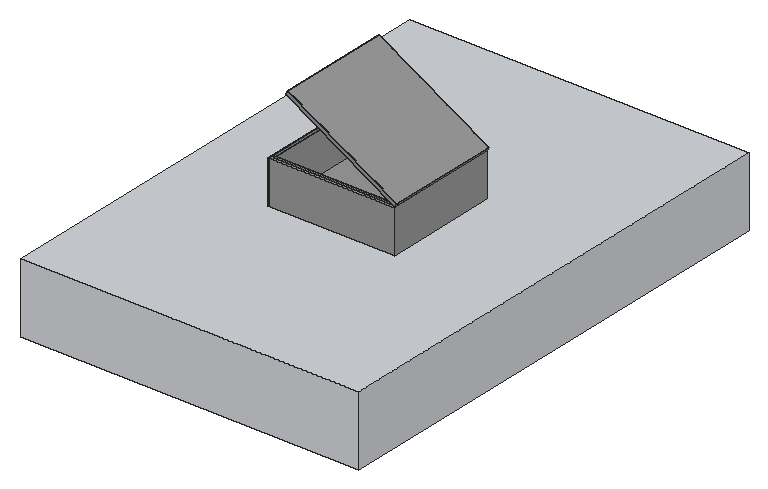
Revit family "Hager-Univers-IP44-D205-H500-Cl.I-Encl-AT-de", category Equipement électrique, Revit 2020
Family settings
  Hôte = Face
  Configuration du panneau = Deux colonnes, circuits au sein
  Cote de connecteur circulaire = Utiliser le diamètre
  Type d'élément = Tableau de raccordement
  Couper avec des vides une fois chargée = Non
  Partagée = Non
  Point de calcul de pièce = Non
Parameters (values of type "Aufputz IP44 B550 H500 T205  - FP32TN2")
  Width Control [instance] = if([EF000008 - Breite] > Min Width, [EF000008 - Breite], Min Width)  # 550 mm
  Commentaires du type = [HG000003 - Bereich]  # "Univers"
  Thickness Door [instance] = if([EF009171 - Materialstärke Tür/Deckel] > 3 mm, 3 mm, [EF009171 - Materialstärke Tür/Deckel])  # 1 mm
  Seal Frame Offset [instance] = 17 mm  # constant formula
  Plinth Visibility [instance] = [HG000027 - Sockelhöhe] > 0 mm  # no
  Model = ""
  Min Width [instance] = 100 mm  # constant formula
  Min Height [instance] = 100 mm  # constant formula
  Min Depth [instance] = (2 * [EF009170 - Materialstärke Gehäuse]) + 1 mm  # 3 mm
  Internal Frame Depth [instance] = (Door System Depth * 0.5)  # 9 mm
  Height Control [instance] = if([EF000040 - Höhe] > Min Height, [EF000040 - Höhe], Min Height)  # 500 mm
  HG000027 - Sockelhöhe = 0 mm
  HG000026 - Stehend auf dem Boden = no
  HG000024 - Höhe des unteren Teils = 800 mm
  HG000023 - Gehäuse mit doppeltem Querschnitt = no
  HG000016 - 3D-Türsichtbarkeit [instance] = yes
  HG000015 - Sichtbarkeit der Türöffnung [instance] = no
  HG000014 - Tür rechts [instance] = yes
  HG000013 - Tür links [instance] = not([HG000014 - Tür rechts])  # no
  HG000012 - Türschwenkwinkel [instance] = 30.00°
  HG000010 - Asymmetrische Türen = no
  HG000009 - Doppelflügeligen Tür = no
  HG000006 - Unterputz = no
  HG000004 - Herstellerreferenz = "FP32TN2"
  HG000003 - Bereich = "Univers"
  HG000002 - Mit tür = yes
  Frame Offset Bottom [instance] = 10 mm  # constant formula
  Frame Offset [instance] = 15 mm  # constant formula
  EF015940 - Deckel mit Überdruckentlastung = no
  EF011959 - Schutzart (NEMA) = ""
  EF009554 - Anzahl der Öffnungen für Flanschplatten = 4
  Fabricant = "Hager"  # constant formula
  EF009212 - Ausführung Deckel = "EV000116 - geschlossen"
  EF009171 - Materialstärke Tür/Deckel = 1 mm
  EF009170 - Materialstärke Gehäuse = 1 mm
  EF008873 - Nennstrom (In) = 250 A
  EF007800 - Geeignet für Blitzschutz = no
  EF006306 - Mit Schloss = no
  EF006244 - Transparenter Deckel/Tür = no
  EF005474 - Schutzart (IP) = "EV006418 - IP44"
  EF004464 - Art der Tür = "EV002646 - Einzel"
  EF004427 - Anzahl der Module = 72
  EF004293 - Schlagfestigkeit = "EV006815 - IK09"
  EF003532 - Geeignet für Außengebrauch = no
  EF002950 - Breite in Teilungseinheiten = 24
  EF001613 - Funktionserhalt = "EV000494 - ohne"
  EF001596 - Werkstoff des Gehäuses = "EV000179 - Stahl"
  EF001131 - Innentiefe = 205 mm
  EF001088 - Anbaumöglichkeit = yes
  EF000437 - Anzahl der Leitungseinführungen = 4
  EF000339 - Art der Abdeckung = "EV001012 - Deckel"
  EF000266 - Anzahl der Reihen = 3
  EF000218 - Einbautiefe = 205 mm
  EF000118 - Mit Montageplatte = no
  EF000116 - RAL-Nummer = "9010"
  EF000049 - Tiefe = 205 mm
  EF000040 - Höhe = 500 mm
  EF000008 - Breite = 550 mm
  EF000007 - Farbe = "EV000202 - weiß"
  EF000003 - Montageart = "EV000384 - Aufputz"
  Door System Leaf Tolerance [instance] = 1.5 mm  # constant formula
  Door System Depth [instance] = 18 mm  # constant formula
  Door Height [instance] = Height Control - [HG000027 - Sockelhöhe]  # 500 mm
  Depth Control [instance] = if([EF000049 - Tiefe] > Min Depth, [EF000049 - Tiefe], Min Depth)  # 205 mm
  Default Elevation = 0 mm
  Connector Offset [instance] = Height Control / 2  # 250 mm
  Bottom Top Plate Trim [instance] = 1.5 mm  # constant formula
  Plinth height Ctrl [instance] = if([HG000027 - Sockelhöhe] > 0 mm, [HG000027 - Sockelhöhe], 12 mm)  # 12 mm
Types (2, lengths in mm): name | Width Control | HG000004 - Herstellerreferenz | EF009554 - Anzahl der Öffnungen für Flanschplatten | EF004427 - Anzahl der Module | EF002950 - Breite in Teilungseinheiten | EF000437 - Anzahl der Leitungseinführungen | EF000008 - Breite
  Aufputz IP44 B300 H500 T205  - FP31TN2 | 300 | "FP31TN2" | 2 | 36 | 12 | 2 | 300
  Aufputz IP44 B550 H500 T205  - FP32TN2 | 550 | "FP32TN2" | 4 | 72 | 24 | 4 | 550
Reference planes
  plane 1 "Center (Front/Back)": y = 0
  plane 2: z = 0
  plane 3 "Center (Left/Right)": x = 0
  plane 4: z = 205
  plane 5: y = 1
  plane 6: y = 250
  plane 7: y = 0
  plane 8: y = 500
  plane 9: z = 0
  plane 10: x = -260
  plane 11: x = 260
  plane 12: x = 259
  plane 13: x = -259
  plane 14: y = 499
  plane 15: x = -258
  plane 16: x = -275
  plane 17: x = 258
  plane 18: x = 275
  plane 19: x = 274
  plane 20: x = -274
  plane 21: y = 11
  plane 22: y = 500
  plane 23: y = 484
  plane 24: z = 187
  plane 25: z = 1
  plane 26: z = 186
  plane 27: z = 204
Forms (mm)
  Extrusion 1, solid
    sketch origin (0, 0, 0) x (1, 0, 0) y (0, 1, 0)
      loop
        line (-702.964, 1305) -> (-702.964, -811.445) -> (766.763, -811.445) -> (766.763, 1305) -> (-702.964, 1305)
    from 0 to -304.8
  Extrusion 2, solid, material "Hager_Steel_RAL7035_Light_Grey", visible <- "Plinth Visibility", detail levels medium+fine
    sketch origin (0, 0, 0) x (1, 0, 0) y (0, 1, 0)
      loop
        line (-275, 0) -> (275, 0) -> (275, 12) -> (-275, 12) -> (-275, 0)
    from 0 to 187
  Extrusion 3, solid, material "Hager_Steel_RAL7035_Light_Grey", detail levels medium+fine
    sketch origin (0, 0, 0) x (1, 0, 0) y (0, 1, 0)
      loop
        line (-275, 0) -> (275, 0) -> (275, 500) -> (-275, 500) -> (-275, 0)
    from 0 to 187
  Extrusion 4, void
    sketch origin (0, 0, 0) x (1, 0, 0) y (0, 1, 0)
      loop
        line (-274, 1) -> (274, 1) -> (274, 499) -> (-274, 499) -> (-274, 1)
    from 1 to 186
  Extrusion 5, void
    sketch origin (-381.607, -4572, 187) x (0, -1, 0) y (-1, 0, 0)
      loop
        line (-4583, -122.607) -> (-5056, -122.607) -> (-5056, -640.607) -> (-4583, -640.607) -> (-4583, -122.607)
    from 0 to 1 <- "EF009170 - Materialstärke Gehäuse"
  Extrusion 6, solid, material "Hager_Steel_RAL7035_Light_Grey", detail levels fine
    sketch origin (0, 0, 187) x (1, 0, 0) y (0, 1, 0)
      loop
        line (-259, 484) -> (-259, 11) -> (259, 11) -> (259, 484) -> (-259, 484)
      loop
        line (-260, 10) -> (260, 10) -> (260, 485) -> (-260, 485) -> (-260, 10)
    from 0 to 9 <- "Internal Frame Depth"
  Extrusion 7, solid, material "Hager_Steel_RAL7035_Light_Grey", detail levels coarse
    sketch origin (0, 0, 0) x (1, 0, 0) y (0, 1, 0)
      loop
        line (-275, 0) -> (275, 0) -> (275, 500) -> (-275, 500) -> (-275, 0)
    from 0 to 205
  Sweep 8, void
    path in 3D
      loop
        line (-275, 12, 0) -> (275, 12, 0) -> (275, 12, 187) -> (-275, 12, 187) -> (-275, 12, 0)
    profile origin (-275, 12, 93.5) x (-1, 0, 0) y (0, -1, 0)
      loop
        line (0, 0) -> (0, 1.5) -> (-1.5, 1.5)
        arc (-1.5, 1.5) -> (-1.061, 0.439) -> (0, 0) r 1.5
Cuts and joins
  Extrusion 4, Extrusion 5 cuts Extrusion 3
  Sweep 8 cuts Extrusion 2
Lines and regions (mm)
  Masking region 1
    outline origin (0, 0, 0) x (1, 0, 0) y (0, 0, 1)
      loop
        line (-275, 205) -> (-275, 0) -> (275, 0) -> (275, 205) -> (-275, 205)
  Masking region 2, detail levels medium+fine
    outline origin (0, 140, 0) x (0, 1, 0) y (0, 0, 1)
      loop
        line (-140, 0) -> (360, 0) -> (360, 187) -> (-140, 187) -> (-140, 0)
  Masking region 3, not visible, detail levels medium+fine
    outline origin (0, 297.922, 0) x (0, 1, 0) y (0, 0, 1)
      loop
        line (-36.422, 0) -> (3.578, 0) -> (3.578, 194)
        arc (3.578, 194) -> (0.649, 201.071) -> (-6.422, 204) r 10
        line (-6.422, 204) -> (-36.422, 204) -> (-36.422, 0)
  Masking region 4, detail levels coarse
    outline origin (0, 0, 180) x (0, 1, 0) y (0, 0, 1)
      loop
        line (0, -180) -> (500, -180) -> (500, 25) -> (0, 25) -> (0, -180)
  Masking region 5, visible <- "Plinth Visibility", detail levels medium+fine
    outline origin (0, 52.24, 12.345) x (0, 0, -1) y (0, 1, 0)
      loop
        line (10.845, -40.24) -> (-173.155, -40.24)
        arc (-173.155, -40.24) -> (-173.594, -41.301) -> (-174.655, -41.74) r 1.5
        line (-174.655, -41.74) -> (-174.655, -52.24) -> (12.345, -52.24) -> (12.345, -41.74)
        arc (12.345, -41.74) -> (11.285, -41.301) -> (10.845, -40.24) r 1.5
  Masking region 6, detail levels medium+fine
    outline origin (-381.607, -4572, 187) x (-1, 0, 0) y (0, -1, 0)
      loop
        line (-106.607, -5072) -> (-106.607, -4572) -> (-656.607, -4572) -> (-656.607, -5072) -> (-106.607, -5072)
  Masking region 7, visible <- "Plinth Visibility", detail levels medium+fine
    outline origin (-381.607, -4727, 187) x (-1, 0, 0) y (0, -1, 0)
      loop
        arc (-108.107, -4739) -> (-107.668, -4737.939) -> (-106.607, -4737.5) r 1.5
        line (-106.607, -4737.5) -> (-106.607, -4727) -> (-656.607, -4727) -> (-656.607, -4737.5)
        arc (-656.607, -4737.5) -> (-655.546, -4737.939) -> (-655.107, -4739) r 1.5
        line (-655.107, -4739) -> (-108.107, -4739)
  Masking region 8, detail levels coarse
    outline origin (-442.548, -4669.526, 187) x (-1, 0, 0) y (0, -1, 0)
      loop
        line (-167.548, -5169.526) -> (-167.548, -4669.526) -> (-717.548, -4669.526) -> (-717.548, -5169.526) -> (-167.548, -5169.526)
  sketch lines
    curve 1: line (-275, 12, 187) -> (-275, 12, 0)
    curve 2: line (275, 12, 187) -> (-275, 12, 187)
    curve 3: line (275, 12, 187) -> (275, 12, 0)
    curve 4: line (-275, 12, 0) -> (275, 12, 0)
Dimensions and locks
  "Depth Control": plane 4 to Extrusion 1
  "HG000027 - Sockelhöhe": plane 1 "Center (Front/Back)" to plane 7
  "EF009170 - Materialstärke Gehäuse": plane 5 to plane 7
  locked: connector elem to plane 3 "Center (Left/Right)"
  equal spacing: plane 8, plane 6, plane 7
  locked: connector elem to plane 6
  "EF009170 - Materialstärke Gehäuse": plane 8 to plane 14
  "EF009170 - Materialstärke Gehäuse": plane 10 to plane 13
  "EF009170 - Materialstärke Gehäuse": plane 12 to plane 11
  "Frame Offset": plane 20 to plane 13
  "Frame Offset": plane 12 to plane 19
  "EF009170 - Materialstärke Gehäuse": plane 16 to plane 20
  "EF009170 - Materialstärke Gehäuse": plane 19 to plane 18
  "Seal Frame Offset": plane 16 to plane 15
  "Seal Frame Offset": plane 17 to plane 18
  "Frame Offset Bottom": plane 21 to plane 5
  "Frame Offset": plane 14 to plane 23
  equal spacing: plane 16, plane 3 "Center (Left/Right)", plane 18
  "Width Control": plane 16 to plane 18
  "EF009170 - Materialstärke Gehäuse": plane 4 to plane 27
  "EF009170 - Materialstärke Gehäuse": plane 24 to plane 26
  "EF009170 - Materialstärke Gehäuse": plane 25 to level
  "Door System Depth": plane 4 to plane 24
  "Height Control": plane 1 "Center (Front/Back)" to Extrusion 7 sketch curve
  "Height Control": Masking region 4 sketch curve to plane 1 "Center (Front/Back)"
  "Height Control": plane 1 "Center (Front/Back)" to plane 22
  "Bottom Top Plate Trim": profile plane to Sweep 8 sketch curve
  "Bottom Top Plate Trim": Sweep 8 sketch curve to profile plane
  "Plinth height Ctrl": plane 1 "Center (Front/Back)" to Extrusion 2 sketch curve
  "Plinth height Ctrl": Masking region 5 sketch curve to plane 1 "Center (Front/Back)"
  "Plinth height Ctrl": plane 1 "Center (Front/Back)" to Masking region 7 sketch curve
  "Thickness Door": Extrusion 6 sketch curve to Extrusion 6 sketch curve  (x3)
  "Thickness Door": cut or joined group of Extrusion 3, Extrusion 4, Extrusion 5 to Extrusion 6 sketch curve
  radius of Masking region 3 sketch curve = 10 mm
  "Bottom Top Plate Trim": radius of Masking region 5 sketch curve  (x2)
  "Bottom Top Plate Trim": radius of Sweep 8 sketch curve
  "Bottom Top Plate Trim": radius of Masking region 7 sketch curve  (x2)
  aligned and locked: plane 2 to Extrusion 1
  aligned and locked: level to Extrusion 1
  aligned and locked: level to Masking region 1 sketch curve
  aligned and locked: Masking region 1 sketch curve to plane 18
  aligned and locked: Masking region 1 sketch curve to plane 16
  aligned and locked: plane 7 to Masking region 2 sketch curve
  aligned and locked: level to Masking region 3 sketch curve
  aligned and locked: Masking region 3 sketch curve to plane 27
  aligned and locked: level to Masking region 2 sketch curve
  aligned and locked: plane 1 "Center (Front/Back)" to Extrusion 2 sketch curve
  aligned and locked: Extrusion 3 sketch curve to plane 7
  aligned and locked: plane 16 to Extrusion 3 sketch curve
  aligned and locked: plane 18 to Extrusion 3 sketch curve
  aligned and locked: plane 20 to Extrusion 4 sketch curve
  aligned and locked: plane 19 to Extrusion 4 sketch curve
  aligned and locked: Extrusion 4 sketch curve to plane 5
  aligned and locked: Extrusion 4 to plane 25
  aligned and locked: plane 26 to Extrusion 4
  aligned and locked: plane 24 to Extrusion 3
  aligned and locked: Extrusion 5 sketch curve to plane 21
  aligned and locked: Extrusion 5 sketch curve to plane 13
  aligned and locked: Extrusion 5 sketch curve to plane 12
  aligned and locked: plane 18 to Extrusion 7 sketch curve
  aligned and locked: plane 1 "Center (Front/Back)" to Extrusion 7 sketch curve
  aligned and locked: plane 16 to Extrusion 7 sketch curve
  aligned and locked: plane 4 to Extrusion 7
  aligned and locked: Extrusion 7 to level
  aligned and locked: level to Masking region 4 sketch curve
  aligned and locked: Masking region 4 sketch curve to plane 1 "Center (Front/Back)"
  aligned and locked: Masking region 4 sketch curve to plane 4
  aligned and locked: nested 1 to level
  aligned and locked: nested 1 to plane 16
  aligned and locked: plane 8 to Extrusion 3 sketch curve
  aligned and locked: plane 23 to Extrusion 5 sketch curve
  aligned and locked: plane 14 to Extrusion 4 sketch curve
  aligned and locked: Masking region 2 sketch curve to plane 8
  aligned and locked: level to Masking region 5 sketch curve
  aligned and locked: plane 16 to Extrusion 2 sketch curve
  aligned and locked: plane 18 to Extrusion 2 sketch curve
  aligned and locked: Masking region 5 sketch curve to plane 24
  aligned and locked: Masking region 2 sketch curve to plane 24
  aligned and locked: plane 24 to Extrusion 2
  aligned and locked: profile plane to Sweep 8 sketch curve  (x2)
  aligned and locked: Masking region 6 sketch curve to plane 18
  aligned and locked: Masking region 6 sketch curve to plane 22
  aligned and locked: Masking region 6 sketch curve to plane 16
  aligned and locked: plane 8 to plane 22
  aligned and locked: plane 7 to Masking region 6 sketch curve
  aligned and locked: Masking region 7 sketch curve to plane 16
  aligned and locked: Masking region 7 sketch curve to plane 1 "Center (Front/Back)"
  aligned and locked: Masking region 7 sketch curve to plane 18
  aligned and locked: Masking region 8 sketch curve to plane 1 "Center (Front/Back)"
  aligned and locked: Masking region 8 sketch curve to plane 18
  aligned and locked: Masking region 8 sketch curve to plane 22
  aligned and locked: Masking region 8 sketch curve to plane 16
  aligned and locked: nested 2 to plane 7
  aligned and locked: plane 3 "Center (Left/Right)" to nested 2
  aligned and locked: nested 2 to plane 24
  aligned and locked: Extrusion 6 sketch curve to cut or joined group of Extrusion 3, Extrusion 4, Extrusion 5  (x4)
Automatic sketch dimensions
  Extrusion 1 sketch curve to Extrusion 1 sketch curve = 1469.727 mm
  Extrusion 1 sketch curve to Extrusion 1 sketch curve = 2116.445 mm
  Masking region 1 sketch curve to plane 4 = 0 mm
  plane 6 to Masking region 3 sketch curve = 11.5 mm
  Masking region 3 sketch curve to Masking region 3 sketch curve = 30 mm
  Masking region 5 sketch curve to plane 1 "Center (Front/Back)" = 0 mm
Nested families
  nested 1: "Hager_Enclosure_Symbol" at (-275, 0, 0) x (1, 0, 0) z (0, -1, 0), Height <- "Depth Control", Width <- "Width Control", type "Hager_Enclosure_Symbol"
    with Width_Ctrl 550 mm, Width 550 mm, Height_Ctrl 205 mm, Height 205 mm, A_Width_Int 13.453 mm, A_Width 161.438 mm, A_Height_Ctrl 179.375 mm, A_Height 179.375 mm
  nested 2: "EC000058_Univers_Door" at (0, 0, 187) x (1, 0, 0) z (0, 1, 0), Leaf_Tolerance <- "Door System Leaf Tolerance", Angle <- "HG000012 - Türschwenkwinkel", Door_Depth <- "Door System Depth", Door_Left <- "HG000013 - Tür links", Transparent <- "EF006244 - Transparenter Deckel/Tür", Assymetrical <- "HG000010 - Asymmetrische Türen", Width <- "Width Control", Clearance <- "HG000015 - Sichtbarkeit der Türöffnung", Double <- "HG000009 - Doppelflügeligen Tür", 3d_Door <- "HG000016 - 3D-Türsichtbarkeit", Lock_Visibility <- "EF006306 - Mit Schloss", Width_Ctrl <- "Width Control", Door_Right <- "HG000014 - Tür rechts", Door <- "HG000002 - Mit tür", Height <- "Door Height", Thickness <- "Thickness Door", type "EC000058_Univers_Door", detail levels medium+fine
    with min_wh 3 mm, Width_Ctrl 550 mm, Width 550 mm, Transparent no, Thickness 1 mm, Seal_Material Hager_Rubber, Lock_Visibility no, Lock_Material Hager_Plastic_RAL9005_Jet_Black, Leaf_Width 550 mm, Leaf_Tolerance_External_Sides 0 mm, Leaf_Tolerance 1.5 mm, Leaf_Offset 0 mm, Leaf_Height 497 mm, Leaf_2_Width 550 mm, Leaf_2_Offset 275 mm, Leaf_1_Width 550 mm, Leaf_1_Offset 275 mm, Height_Ctrl 500 mm, Height 500 mm, Glass_Material Hager_Glass, Double_Clearance_Ctrl no, Double no, Door_Right_Ctrl yes, Door_Right yes, Door_Material Hager_Steel_RAL7035_Light_Grey, Door_Left_Ctrl no, Door_Left no, Door_Depth 18 mm, Door yes, Clearance_Material Hager_Clearance, Clearance_Depth 550 mm, Clearance_Ctrl no, Clearance no, Assymetrical no, Angle 30.00°, 3d_Door yes
Connectors
  electrical at (0, 250, 0)
    settings: on plane 9, index 1, voltage 0 V, apparent load 0 VA, apparent load phase1 0 VA, apparent load phase2 0 VA, apparent load phase3 0 VA, power factor 1, load classification "Other", number of poles 1, system type 30, power factor state 1, is connector primary yes, connector utility no, sub classification motor no, connector description ""
Definition of nested family "EC000058_Univers_Door"
  Parameters (values of type "EC000058_Univers_Door")
    min_wh [instance] = (2 * Thickness) + 1 mm  # 11 mm
    Width_Ctrl [instance] = 400 mm
    Width [instance] = 500 mm
    Transparent [instance] = yes
    Thickness [instance] = 5 mm
    Seal_Material [instance] = none
    Lock_Visibility [instance] = yes
    Lock_Material [instance] = none
    Leaf_Width [instance] = if((Width_Ctrl - 2 * Leaf_Tolerance_External_Sides) > 0 mm, (Width_Ctrl - 2 * Leaf_Tolerance_External_Sides), min_wh)  # 400 mm
    Leaf_Tolerance_External_Sides [instance] = 0 mm  # constant formula
    Leaf_Tolerance [instance] = 1.5 mm
    Leaf_Offset [instance] = 0 mm  # constant formula
    Leaf_Height [instance] = if((Height_Ctrl - 2 * Leaf_Tolerance) > 0 mm, (Height_Ctrl - 2 * Leaf_Tolerance), min_wh)  # 497 mm
    Leaf_2_Width [instance] = if(and(and(Double, Assymetrical), Door_Left), (Leaf_Width / 3) - (Leaf_Tolerance / 2), if(and(and(Double, Assymetrical), Door_Right), (Leaf_Width / 3) * 2 - (Leaf_Tolerance / 2), if(and(Double, not(Assymetrical)), (Leaf_Width / 2) - Leaf_Tolerance, Leaf_Width)))  # 400 mm
    Leaf_2_Offset [instance] = if(and(Double, Assymetrical), Leaf_2_Width / 2, if(and(Double, not(Assymetrical)), Leaf_Width / 4, Leaf_Width / 2))  # 200 mm
    Leaf_1_Width [instance] = if(and(and(Double, Assymetrical), Door_Right), (Leaf_Width / 3) - (Leaf_Tolerance / 2), if(and(and(Double, Assymetrical), Door_Left), (Width / 3) * 2 - (Leaf_Tolerance / 2), if(and(Double, not(Assymetrical)), (Leaf_Width / 2) - Leaf_Tolerance, Leaf_Width)))  # 400 mm
    Leaf_1_Offset [instance] = if(and(Double, Assymetrical), Leaf_1_Width / 2, if(and(Double, not(Assymetrical)), Leaf_Width / 4, Leaf_Width / 2))  # 200 mm
    Height_Ctrl [instance] = if(Height > min_wh, Height, min_wh)  # 500 mm
    Height [instance] = 500 mm
    Glass_Material [instance] = none
    Double_Clearance_Ctrl [instance] = and(Double, Clearance)  # no
    Double [instance] = no
    Door_Right_Ctrl [instance] = and(or(Door_Right, Double), Door)  # yes
    Door_Right [instance] = yes
    Door_Material [instance] = none
    Door_Left_Ctrl [instance] = and(or(Door_Left, Double), Door)  # no
    Door_Left [instance] = no
    Door_Depth [instance] = 30 mm
    Door [instance] = yes
    Default Elevation = 1219.2 mm
    Clearance_Material [instance] = none
    Clearance_Depth [instance] = if(Leaf_1_Width > Leaf_2_Width, Leaf_1_Width, Leaf_2_Width)  # 400 mm
    Clearance_Ctrl [instance] = and(not(Double), Clearance)  # yes
    Clearance [instance] = yes
    Assymetrical [instance] = yes
    Angle [instance] = 30.00°
    3d_Door [instance] = yes
  Reference planes
    plane 1 "Center (Front/Back)": y = 0
    plane 2 "Bottom": z = 0
    plane 3 "Center (Left/Right)": x = 0
    plane 4: z = 500
    plane 5: x = -200
    plane 6: x = 200
    plane 7: z = 500
    plane 8: x = -200
    plane 9: z = 0
    plane 10: x = 200
    plane 11: y = 0
    plane 12: z = 1.5
    plane 13: x = -600
    plane 14: y = -400
    plane 15: x = 600
    plane 16: x = 0
    plane 17: x = 0
    plane 18: x = -200
    plane 19: x = 200
    plane 20: z = 498.5
  Forms (mm)
    Extrusion 1, solid, material <- "Clearance_Material", visible <- "Double_Clearance_Ctrl"
      sketch origin (1200, 0, 0) x (1, 0, 0) y (0, 0, -1)
        loop
          line (-1800, -498.5) -> (-600, -498.5) -> (-600, 0) -> (-1800, 0) -> (-1800, -498.5)
      from 0 to -400
  Dimensions and locks
    equal spacing: plane 5, plane 3 "Center (Left/Right)", plane 6
    "Width_Ctrl": plane 5 to plane 6
    "Leaf_Offset": plane 5 to plane 8
    "Leaf_Offset": plane 6 to plane 10
    "Leaf_Offset": plane 9 to level
    "Leaf_Offset": plane 4 to plane 7
    "Height_Ctrl": plane 4 to level
    "Leaf_Tolerance": plane 12 to plane 9
    locked: plane 11 to plane 1 "Center (Front/Back)"
    "Leaf_1_Offset": plane 18 to plane 16
    "Leaf_2_Offset": plane 17 to plane 19
    "Leaf_1_Width": plane 13 to plane 8
    "Leaf_2_Width": plane 10 to plane 15
    "Clearance_Depth": plane 14 to plane 1 "Center (Front/Back)"
    "Leaf_Tolerance_External_Sides": plane 8 to plane 18
    "Leaf_Tolerance_External_Sides": plane 19 to plane 10
    "Leaf_Tolerance": plane 7 to plane 20
    aligned and locked: level to plane 2 "Bottom"
    aligned and locked: nested 1 to plane 16
    aligned and locked: nested 2 to plane 17
    aligned and locked: Extrusion 1 to plane 13
    aligned and locked: plane 15 to Extrusion 1
    aligned and locked: Extrusion 1 to plane 14
    aligned and locked: plane 12 to nested 1
    aligned and locked: nested 2 to plane 12
    aligned and locked: Extrusion 1 to plane 11
    aligned and locked: plane 20 to Extrusion 1
    aligned and locked: nested 2 to plane 11
    aligned and locked: nested 1 to plane 11
  Automatic sketch dimensions
    Extrusion 1 sketch curve to level = 0 mm
    plane 5 to Extrusion 1 sketch curve = 400 mm
    plane 6 to Extrusion 1 sketch curve = 400 mm
    Extrusion 1 sketch curve to plane 4 = 1.5 mm
  Nested families
    nested 1: "EC000058_Univers_Door_Leaf" at (0, 0, 1.5), Width <- "Leaf_1_Width", visible <- "Door_Left_Ctrl", Leaf_Height <- "Leaf_Height", Angle <- "Angle", 3d_Door <- "3d_Door", Transparent <- "Transparent", Clearance Material <- "Clearance_Material", Clearance <- "Clearance_Ctrl", Door_Material <- "Door_Material", Glass_Material <- "Glass_Material", Door_Depth <- "Door_Depth", Lock_Material <- "Lock_Material", Seal_Material <- "Seal_Material", Lock_Visibility <- "Lock_Visibility", Thickness <- "Thickness", type "EC000058_Univers_Door_Leaf"
      with Width 400 mm, Transparent_Glass_Offset 30 mm, Transparent_Ctrl yes, Transparent yes, Thickness 5 mm, Standard no, Seal_Material none, Seal_D2 8 mm, Seal_D1 1 mm, Offset_Internal_Frame 10 mm, Lock_Width 20 mm, Lock_Visibility_3d yes, Lock_Visibility yes, Lock_Thickness_3 3 mm, Lock_Thickness_2 1 mm, Lock_Thickness_1 3 mm, Lock_Radius_Offset_2 16 mm, Lock_Radius_Offset_1 15 mm, Lock_Radius_2 5 mm, Lock_Radius 6 mm, Lock_Offset 5 mm, Lock_Material none, Lock_Height 80 mm, Lock_Cover_Top_Offset_2d 17 mm, Lock_Cover_Height -65 mm, Leaf_Height 497 mm, Internal_Seal_Thickness 8 mm, Internal_Seal_Depth_2 4.5 mm, Internal_Frame_Depth 25 mm, Glass_Thickness -1 mm, Glass_Offset -2 mm, Glass_Material none, Door_Material none, Door_Depth 30 mm, Clearance Material none, Clearance yes, Angle_Ctrl 30.00°, Angle 30.00°, 3d_Door yes
    nested 2: "EC000058_Univers_Door_Leaf" at (0, 0, 1.5) x (-1, 0, 0) z (0, 0, 1), Width <- "Leaf_2_Width", visible <- "Door_Right_Ctrl", Leaf_Height <- "Leaf_Height", Angle <- "Angle", 3d_Door <- "3d_Door", Transparent <- "Transparent", Clearance Material <- "Clearance_Material", Clearance <- "Clearance_Ctrl", Door_Material <- "Door_Material", Glass_Material <- "Glass_Material", Door_Depth <- "Door_Depth", Lock_Material <- "Lock_Material", Seal_Material <- "Seal_Material", Lock_Visibility <- "Lock_Visibility", Thickness <- "Thickness", type "EC000058_Univers_Door_Leaf"
      with Width 400 mm, Transparent_Glass_Offset 30 mm, Transparent_Ctrl yes, Transparent yes, Thickness 5 mm, Standard no, Seal_Material none, Seal_D2 8 mm, Seal_D1 1 mm, Offset_Internal_Frame 10 mm, Lock_Width 20 mm, Lock_Visibility_3d yes, Lock_Visibility yes, Lock_Thickness_3 3 mm, Lock_Thickness_2 1 mm, Lock_Thickness_1 3 mm, Lock_Radius_Offset_2 16 mm, Lock_Radius_Offset_1 15 mm, Lock_Radius_2 5 mm, Lock_Radius 6 mm, Lock_Offset 5 mm, Lock_Material none, Lock_Height 80 mm, Lock_Cover_Top_Offset_2d 17 mm, Lock_Cover_Height -65 mm, Leaf_Height 497 mm, Internal_Seal_Thickness 8 mm, Internal_Seal_Depth_2 4.5 mm, Internal_Frame_Depth 25 mm, Glass_Thickness -1 mm, Glass_Offset -2 mm, Glass_Material none, Door_Material none, Door_Depth 30 mm, Clearance Material none, Clearance yes, Angle_Ctrl 30.00°, Angle 30.00°, 3d_Door yes
  Definition of nested family "EC000058_Univers_Door_Leaf"
    Parameters (values of type "EC000058_Univers_Door_Leaf")
      Width [instance] = 2000 mm
      Transparent_Glass_Offset [instance] = 30 mm
      Transparent_Ctrl [instance] = and(Transparent, [3d_Door])  # yes
      Transparent [instance] = yes
      Thickness [instance] = 5 mm
      Standard [instance] = and(not(Transparent), [3d_Door])  # no
      Seal_Material [instance] = none
      Seal_D2 [instance] = 8 mm  # constant formula
      Seal_D1 [instance] = 1 mm  # constant formula
      Offset_Internal_Frame [instance] = 10 mm  # constant formula
      Lock_Width [instance] = 20 mm  # constant formula
      Lock_Visibility_3d [instance] = and(Lock_Visibility, [3d_Door])  # yes
      Lock_Visibility [instance] = yes
      Lock_Thickness_3 [instance] = 3 mm  # constant formula
      Lock_Thickness_2 [instance] = 1 mm  # constant formula
      Lock_Thickness_1 [instance] = 3 mm  # constant formula
      Lock_Radius_Offset_2 [instance] = Lock_Radius_Offset_1 + 1 mm  # 16 mm
      Lock_Radius_Offset_1 [instance] = 15 mm  # constant formula
      Lock_Radius_2 [instance] = Lock_Radius - 1 mm  # 5 mm
      Lock_Radius [instance] = 6 mm  # constant formula
      Lock_Offset [instance] = 5 mm  # constant formula
      Lock_Material [instance] = none
      Lock_Height [instance] = 80 mm  # constant formula
      Lock_Cover_Top_Offset_2d [instance] = Lock_Radius_Offset_2 + 1 mm  # 17 mm
      Lock_Cover_Height [instance] = -(Lock_Height - Lock_Radius_Offset_1)  # -65 mm
      Leaf_Height [instance] = 2720.336 mm
      Internal_Seal_Thickness [instance] = 8 mm  # constant formula
      Internal_Seal_Depth_2 [instance] = 4.5 mm  # constant formula
      Internal_Frame_Depth [instance] = if(Door_Depth - Thickness > 5 mm, Door_Depth - Thickness, 5 mm)  # 25 mm
      Glass_Thickness [instance] = if(Thickness > 15 mm, Glass_Offset + 10 mm, -1 mm)  # -1 mm
      Glass_Offset [instance] = if(Thickness > 15 mm, -(Thickness + 10 mm) / 2, -2 mm)  # -2 mm
      Glass_Material [instance] = none
      Door_Material [instance] = none
      Door_Depth [instance] = 30 mm
      Default Elevation = 0 mm
      Clearance Material [instance] = none
      Clearance [instance] = yes
      Angle_Ctrl [instance] = if(Angle > 180.00°, 180.00°, Angle)  # 90.00°
      Angle [instance] = 90.00°
      3d_Door [instance] = yes
    Reference planes
      plane 1 "Center (Front/Back)": y = 0
      plane 2: z = 0
      plane 3 "Center (Left/Right)": x = 0
      plane 4: y = 2000
      plane 5: x = -1000
      plane 6: x = 1000
      plane 7: x = -3000
      plane 8: z = 2720.336
      plane 9: z = 30
      plane 10: z = 2690.336
      plane 11: x = 970
      plane 12: x = -970
      plane 13: y = -3
      plane 14: z = 107.833
      plane 15: y = -5
      plane 16: y = -223.314
      plane 17: x = -1000
      plane 18: z = 1360.168
      plane 19: y = 30
    Forms (mm)
      Extrusion 1, solid, material <- "Clearance Material", visible <- "Clearance"
        sketch origin (0, 0, 0) x (1, 0, 0) y (0, 0, 1)
          loop
            line (-3000, 2720.336) -> (-3000, 0) -> (1000, 0) -> (1000, 2720.336) -> (-3000, 2720.336)
        from 0 to -2000
      Extrusion 2, solid, material <- "Door_Material", visible <- "Standard", detail levels medium+fine
        sketch origin (-1000, 0, 0) x (0, 1, 0) y (-1, 0, 0)
          loop
            line (0, 30) -> (0, 25) -> (2000, 25) -> (2000, 30) -> (0, 30)
        from 0 to 2720.336 <- "Leaf_Height"
      Extrusion 3, solid, material <- "Door_Material", visible <- "Transparent_Ctrl", detail levels medium+fine
        sketch origin (-1000, 0, 0) x (0, 1, 0) y (-1, 0, 0)
          loop
            line (0, 25) -> (2000, 25) -> (2000, 30) -> (0, 30) -> (0, 25)
        from 0 to 2720.336 <- "Leaf_Height"
      Extrusion 4, void
        sketch origin (-1025, 2000, 0) x (0, 1, 0) y (0, 0, -1)
          loop
            line (-30, -2690.336) -> (-30, -30) -> (-1970, -30) -> (-1970, -2690.336) -> (-30, -2690.336)
        from 0 to 5 <- "Thickness"
      Sweep 5, solid, material <- "Seal_Material", visible <- "Transparent_Ctrl", detail levels fine
        path in 3D
          loop
            line (-1025, 30, 30) -> (-1025, 30, 2690.336) -> (-1025, 1970, 2690.336) -> (-1025, 1970, 30) -> (-1025, 30, 30)
        profile origin (-1025, 1000, 30) x (1, 0, 0) y (0, 0, 1)
          loop
            line (0, 0) -> (0, -8) -> (1, -8) -> (1, 0) -> (0, 0)
      Extrusion 6, solid, material <- "Glass_Material", visible <- "Transparent_Ctrl", detail levels medium+fine
        sketch origin (-1030, 0, 0) x (0, 1, 0) y (0, 0, -1)
          loop
            line (1970, -2690.336) -> (1970, -30) -> (30, -30) -> (30, -2690.336) -> (1970, -2690.336)
        from -2 <- "Glass_Offset" to -1 <- "Glass_Thickness"
      Extrusion 7, solid, material <- "Door_Material", visible <- "3d_Door", detail levels medium+fine
        sketch origin (-1025, 2000, 0) x (0, -1, 0) y (0, 0, -1)
          loop
            line (0, -2720.336) -> (2000, -2720.336) -> (2000, 0) -> (0, 0) -> (0, -2720.336)
          loop
            line (1995, -5) -> (5, -5) -> (5, -2715.336) -> (1995, -2715.336) -> (1995, -5)
        from 0 to 25 <- "Internal_Frame_Depth"
      Sweep 8, solid, material <- "Seal_Material", visible <- "Transparent_Ctrl", detail levels fine
        path in 3D
          loop
            line (-1025, 0, 0) -> (-1025, 2000, 0) -> (-1025, 2000, 2720.336) -> (-1025, 0, 2720.336) -> (-1025, 0, 0)
        profile origin (-1025, 0, 1360.168) x (1, 0, 0) y (0, 1, 0)
          loop
            line (0, 10) -> (2.975, 10)
            arc (2.975, 10) -> (4.053, 10.447) -> (4.5, 11.525) r 1.525
            line (4.5, 11.525) -> (4.5, 16.527)
            arc (4.5, 16.527) -> (4.069, 17.569) -> (3.027, 18) r 1.473
            line (3.027, 18) -> (0, 18) -> (0, 10)
      Extrusion 9, solid, material <- "Lock_Material", visible <- "Lock_Visibility_3d", detail levels fine
        sketch origin (-1030, 0, 0) x (0, 1, 0) y (0, 0, -1)
          loop
            arc (1993.5, -1400.168) -> (1994.561, -1399.729) -> (1995, -1398.668) r 1.5
            line (1995, -1398.668) -> (1995, -1320.168) -> (1975, -1320.168) -> (1975, -1398.668)
            arc (1975, -1398.668) -> (1975.439, -1399.729) -> (1976.5, -1400.168) r 1.5
            line (1976.5, -1400.168) -> (1993.5, -1400.168)
        from 3 <- "Lock_Thickness_1" to 0
      Blend 10, solid, material <- "Lock_Material", visible <- "Lock_Visibility_3d", detail levels fine
        base sketch origin (-1033, 0, 0) x (0, 1, 0) y (0, 0, -1)
          loop
            line (1975, -1320.168) -> (1975, -1398.668)
            arc (1975, -1398.668) -> (1975.439, -1399.729) -> (1976.5, -1400.168) r 1.5
            line (1976.5, -1400.168) -> (1993.5, -1400.168)
            arc (1993.5, -1400.168) -> (1994.561, -1399.729) -> (1995, -1398.668) r 1.5
            line (1995, -1398.668) -> (1995, -1320.168) -> (1975, -1320.168)
        top sketch origin (-1033, 0, 0) x (0, 1, 0) y (0, 0, -1)
          loop
            line (1976, -1320.168) -> (1976, -1398.668)
            arc (1976, -1398.668) -> (1976.146, -1399.022) -> (1976.5, -1399.168) r 0.5
            line (1976.5, -1399.168) -> (1993.5, -1399.168)
            arc (1993.5, -1399.168) -> (1993.854, -1399.022) -> (1994, -1398.668) r 0.5
            line (1994, -1398.668) -> (1994, -1320.168) -> (1976, -1320.168)
        from 0 to 1 <- "Lock_Thickness_2"
      Blend 11, solid, material <- "Lock_Material", visible <- "Lock_Visibility_3d", detail levels fine
        base sketch origin (-1034, 0, 0) x (0, 1, 0) y (0, 0, -1)
          loop
            line (1978, -1320.168) -> (1978, -1384.168)
            arc (1978, -1384.168) -> (1985, -1391.168) -> (1992, -1384.168) r 7
            line (1992, -1384.168) -> (1992, -1320.168) -> (1978, -1320.168)
        top sketch origin (-1034, 0, 0) x (0, 1, 0) y (0, 0, -1)
          loop
            line (1991, -1320.168) -> (1979, -1320.168) -> (1979, -1383.168)
            arc (1979, -1383.168) -> (1985, -1389.168) -> (1991, -1383.168) r 6
            line (1991, -1383.168) -> (1991, -1320.168)
        from 0 to 3 <- "Lock_Thickness_3"
      Extrusion 12, solid, material <- "Lock_Material", visible <- "Lock_Visibility_3d", detail levels fine
        sketch origin (-1030, 1975, 1320.168) x (1, 0, 0) y (0, -1, 0)
          loop
            line (-7, -19) -> (-7, -1) -> (0, -1) -> (0, 0) -> (-8, 0) -> (-8, -20) -> (0, -20) -> (0, -19) -> (-7, -19)
        from 0 to -65 <- "Lock_Cover_Height"
      Extrusion 13, void
        sketch origin (-1038, 1995, 1320.168) x (-1, 0, 0) y (0, 0, -1)
          loop
            line (-5, -65) -> (0, -65) -> (-5, -60) -> (-5, -65)
        from 0 to 20 <- "Lock_Width"
      Extrusion 14, void
        sketch origin (-1038, 1975, 1320.168) x (0, -1, 0) y (0, 0, -1)
          loop
            circle (-10, -15.995) r 6
          loop
            circle (-10, -15.995) r 5
        from 0 to 2
      Extrusion 15, solid, material <- "Lock_Material", visible <- "Lock_Visibility_3d", detail levels medium
        sketch origin (-1030, 0, 0) x (0, 1, 0) y (0, 0, -1)
          loop
            arc (1993.5, -1400.168) -> (1994.561, -1399.729) -> (1995, -1398.668) r 1.5
            line (1995, -1398.668) -> (1995, -1320.168) -> (1975, -1320.168) -> (1975, -1398.668)
            arc (1975, -1398.668) -> (1975.439, -1399.729) -> (1976.5, -1400.168) r 1.5
            line (1976.5, -1400.168) -> (1993.5, -1400.168)
        from 8 to 0
    Cuts and joins
      Extrusion 4 cuts Extrusion 3
      Extrusion 13, Extrusion 14 cuts Extrusion 9
      Extrusion 14 cuts Blend 11
      Extrusion 13, Extrusion 14 cuts Extrusion 12
      joined: Extrusion 9, Blend 10, Blend 11, Extrusion 12
      Extrusion 14 cuts Extrusion 15
    Lines and regions (mm)
      Masking region 1, visible <- "Lock_Visibility", detail levels fine
        outline origin (0, 0, 0) x (0, 1, 0) y (0, 0, 1)
          loop
            line (30, 1320.168) -> (33, 1320.168) -> (33, 1400.168) -> (30, 1400.168) -> (30, 1320.168)
      Masking region 2, visible <- "Lock_Visibility", detail levels fine
        outline origin (0, 3.143, 0) x (0, 1, 0) y (0, 0, 1)
          loop
            line (29.857, 1354.168) -> (30.857, 1354.168) -> (30.857, 1366.168) -> (29.857, 1366.168) -> (29.857, 1354.168)
      Masking region 3, detail levels medium+fine
        outline origin (0, 0, 0) x (0, 1, 0) y (0, 0, 1)
          loop
            line (0, 0) -> (30, 0) -> (30, 2720.336) -> (0, 2720.336) -> (0, 0)
      Masking region 4, detail levels medium+fine
        outline origin (0, 0, 0) x (1, 0, 0) y (0, 0, 1)
          loop
            line (-1000, 2720.336) -> (-1000, 0) -> (1000, 0) -> (1000, 2720.336) -> (-1000, 2720.336)
      Masking region 5, visible <- "Lock_Visibility", detail levels fine
        outline origin (-47.116, 0, 0) x (1, 0, 0) y (0, 0, 1)
          loop
            arc (1024.616, 1399.168) -> (1023.556, 1398.729) -> (1023.116, 1397.668) r 1.5
            line (1023.116, 1397.668) -> (1023.116, 1320.168) -> (1041.116, 1320.168) -> (1041.116, 1397.668)
            arc (1041.116, 1397.668) -> (1040.677, 1398.729) -> (1039.616, 1399.168) r 1.5
            line (1039.616, 1399.168) -> (1024.616, 1399.168)
      Masking region 6, visible <- "Lock_Visibility", detail levels medium+fine
        outline origin (-25, 0, 0) x (1, 0, 0) y (0, 0, 1)
          loop
            arc (1001.5, 1400.168) -> (1000.439, 1399.729) -> (1000, 1398.668) r 1.5
            line (1000, 1398.668) -> (1000, 1320.168) -> (1020, 1320.168) -> (1020, 1398.668)
            arc (1020, 1398.668) -> (1019.561, 1399.729) -> (1018.5, 1400.168) r 1.5
            line (1018.5, 1400.168) -> (1001.5, 1400.168)
      Masking region 7, visible <- "Lock_Visibility", detail levels fine
        outline origin (-73.735, 0, 0) x (1, 0, 0) y (0, 0, 1)
          loop
            line (1051.735, 1382.168) -> (1065.735, 1382.168) -> (1065.735, 1384.168)
            arc (1065.735, 1384.168) -> (1058.735, 1391.168) -> (1051.735, 1384.168) r 7
            line (1051.735, 1384.168) -> (1051.735, 1382.168)
      Masking region 8, visible <- "Lock_Visibility", detail levels fine
        outline origin (-73.735, 0, 0) x (1, 0, 0) y (0, 0, 1)
          loop
            line (1052.735, 1382.168) -> (1064.735, 1382.168) -> (1064.735, 1383.168)
            arc (1064.735, 1383.168) -> (1058.735, 1389.168) -> (1052.735, 1383.168) r 6
            line (1052.735, 1383.168) -> (1052.735, 1382.168)
      Masking region 9, visible <- "Lock_Visibility", detail levels fine
        outline origin (-25, 0, 0) x (1, 0, 0) y (0, 0, 1)
          loop
            line (1020, 1320.168) -> (1020, 1382.168) -> (1000, 1382.168) -> (1000, 1320.168) -> (1020, 1320.168)
      Masking region 10, detail levels medium+fine
        outline origin (0, 0, 0) x (1, 0, 0) y (0, 0, 1)
          loop
            circle (985, 1335.144) r 6
      Masking region 11, detail levels fine
        outline origin (0, 0, 0) x (1, 0, 0) y (0, 0, 1)
          loop
            circle (985, 1335.144) r 5
      Masking region 12, visible <- "Lock_Visibility", detail levels fine
        outline origin (0, 12.767, 0) x (0, 1, 0) y (0, 0, 1)
          loop
            line (20.233, 1320.168) -> (21.233, 1320.168) -> (21.233, 1399.168) -> (20.233, 1400.168) -> (20.233, 1320.168)
      Masking region 13, visible <- "Lock_Visibility", detail levels fine
        outline origin (0, 13.767, -10) x (0, 1, 0) y (0, 0, 1)
          loop
            line (20.233, 1330.168) -> (23.233, 1330.168) -> (23.233, 1399.168) -> (20.233, 1402.168) -> (20.233, 1330.168)
      Masking region 14, visible <- "Lock_Visibility", detail levels fine
        outline origin (0, 12.767, -10) x (0, 1, 0) y (0, 0, 1)
          loop
            line (20.233, 1330.168) -> (25.233, 1330.168) -> (25.233, 1399.305) -> (20.233, 1394.305) -> (20.233, 1330.168)
      Masking region 15, visible <- "Lock_Visibility", detail levels medium
        outline origin (0, 0, 0) x (0, 1, 0) y (0, 0, 1)
          loop
            line (30, 1320.168) -> (38, 1320.168) -> (38, 1400.168) -> (30, 1400.168) -> (30, 1320.168)
      Masking region 16, visible <- "Lock_Visibility", detail levels fine
        outline origin (-1000, 0, 0) x (0, 1, 0) y (-1, 0, 0)
          loop
            line (1975, 30) -> (1995, 30) -> (1995, 38) -> (1975, 38) -> (1975, 30)
          loop
            line (1979, 37) -> (1976, 37) -> (1976, 34) -> (1978, 34) -> (1979, 37)
          loop
            line (1994, 37) -> (1991, 37) -> (1992, 34) -> (1994, 34) -> (1994, 37)
      Masking region 17, visible <- "Lock_Visibility", detail levels medium
        outline origin (-1000, 0, 0) x (0, 1, 0) y (-1, 0, 0)
          loop
            line (1975, 30) -> (1995, 30) -> (1995, 38) -> (1975, 38) -> (1975, 30)
      symbolic lines
        curve 1: line (1000, 0, 0) -> (-3000, 0, 0)
        curve 2: arc (1000, 0, 0) -> (-1000, 2000, 0) -> (-3000, 0, 0) r 2000
        curve 4: line (-1030, 0, 0) -> (-1030, 2000, 0)
      reference lines
        curve 3: line (-1000, 0, 0) -> (-1000, 2000, 0)
      symbolic lines, detail levels medium+fine
        curve 5: line (-1030, 2000, 0) -> (-1025, 2000, 0)
        curve 7: line (-1025, 0, 0) -> (-1030, 0, 0)
        curve 8: line (-1025, 0, 0) -> (-1000, 0, 0)
        curve 9: line (-1000, 0, 0) -> (-1000, 2000, 0)
        curve 10: line (-1000, 2000, 0) -> (-1025, 2000, 0)
      symbolic lines, detail levels fine
        curve 6: line (-1025, 2000, 0) -> (-1025, 0, 0)
      sketch lines
        curve 11: line (-1025, 0, 2720.336) -> (-1025, 0, 0)
        curve 12: line (-1025, 2000, 0) -> (-1025, 0, 0)
        curve 13: line (-1025, 2000, 2720.336) -> (-1025, 2000, 0)
        curve 14: line (-1025, 0, 2720.336) -> (-1025, 2000, 2720.336)
        curve 15: line (-1025, 1970, 30) -> (-1025, 30, 30)
        curve 16: line (-1025, 30, 30) -> (-1025, 30, 2690.336)
        curve 17: line (-1025, 1970, 2690.336) -> (-1025, 1970, 30)
        curve 18: line (-1025, 30, 2690.336) -> (-1025, 1970, 2690.336)
      symbolic lines, visible <- "Transparent", detail levels medium+fine
        curve 19: line (-970, 0, 2690.336) -> (970, 0, 2690.336)
        curve 20: line (-970, 0, 30) -> (-970, 0, 2690.336)
        curve 21: line (970, 0, 30) -> (-970, 0, 30)
        curve 22: line (970, 0, 2690.336) -> (970, 0, 30)
    Dimensions and locks
      "Width": plane 1 "Center (Front/Back)" to plane 4
      equal spacing: plane 5, plane 3 "Center (Left/Right)", plane 6
      "Width": plane 5 to plane 6
      "Width": plane 7 to plane 5
      "Leaf_Height": plane 8 to level
      "Width": curve 5 to curve 3
      "Width": curve 3 to curve 3
      plane 8 to plane 10 = 30 mm
      plane 9 to level = 30 mm
      plane 12 to plane 5 = 30 mm
      plane 6 to plane 11 = 30 mm
      Extrusion 1 to Extrusion 4 sketch curve = 30 mm
      "Transparent_Glass_Offset": curve 3 to Extrusion 4 sketch curve
      "Transparent_Glass_Offset": Extrusion 4 sketch curve to cut or joined group of Extrusion 3, Extrusion 4  (x2)
      cut or joined group of Extrusion 3, Extrusion 4 to Extrusion 6 sketch curve = 30 mm
      "Transparent_Glass_Offset": cut or joined group of Extrusion 3, Extrusion 4 to Extrusion 4 sketch curve
      "Thickness": curve 6 to curve 4
      "Thickness": Extrusion 7 sketch curve to Extrusion 7 sketch curve  (x4)
      "Door_Depth": curve 4 to curve 3
      "Offset_Internal_Frame": profile plane to Sweep 8 sketch curve
      "Internal_Seal_Thickness": Sweep 8 sketch curve to Sweep 8 sketch curve
      "Internal_Seal_Depth_2": profile plane to Sweep 8 sketch curve
      "Seal_D1": profile plane to Sweep 5 sketch curve
      "Seal_D2": profile plane to Sweep 5 sketch curve
      "Thickness": Extrusion 2 sketch curve to Extrusion 2 sketch curve
      equal spacing: Extrusion 9 sketch curve, plane 18, Extrusion 9 sketch curve  (x2)
      equal spacing: Masking region 1 sketch curve, plane 18, Masking region 1 sketch curve
      "Lock_Height": Masking region 1 sketch curve to Masking region 1 sketch curve
      "Lock_Radius": Masking region 2 sketch curve to plane 18 to Masking region 2 sketch curve
      Masking region 2 sketch curve to Masking region 1 = 1 mm
      "Door_Depth": plane 19 to plane 1 "Center (Front/Back)"
      "Lock_Thickness_1": Masking region 1 sketch curve to plane 19
      "Lock_Width": Extrusion 9 sketch curve to Extrusion 9 sketch curve
      "Lock_Height": Extrusion 9 sketch curve to Extrusion 9 sketch curve
      "Lock_Offset": cut or joined group of Extrusion 3, Extrusion 4 to Extrusion 9 sketch curve
      equal spacing: plane 8, plane 18, level
      "Lock_Radius_Offset_1": Blend 11 sketch curve to Blend 10
      locked: Blend 10 to Blend 11 sketch curve at 2  (x2)
      locked: var sketch to Blend 11 sketch curve at 1  (x2)
      "Lock_Radius_Offset_2": Blend 11 sketch curve to Blend 10
      locked: Extrusion 12 sketch curve to Extrusion 12 sketch curve at 1  (x3)
      Masking region 6 sketch curve to Masking region 6 sketch curve = 80 mm
      "Lock_Height": Masking region 6 sketch curve to Masking region 6 sketch curve
      "Lock_Width": Masking region 6 sketch curve to Masking region 6 sketch curve
      locked: Masking region 6 to Masking region 5 sketch curve at 1  (x3)
      locked: Masking region 5 to Masking region 7 sketch curve at 2  (x2)
      "Lock_Radius_Offset_1": Masking region 5 to Masking region 7 sketch curve
      "Lock_Radius_Offset_2": Masking region 5 to Masking region 8 sketch curve
      locked: Masking region 7 to Masking region 8 sketch curve at 1  (x2)
      "Lock_Cover_Top_Offset_2d": Masking region 5 to Masking region 9 sketch curve
      equal spacing: Masking region 9, Masking region 10 sketch curve, Masking region 9
      equal spacing: Masking region 9, Masking region 11 sketch curve, Masking region 9
      Extrusion 15 sketch curve to Extrusion 15 sketch curve = 80 mm
      "Lock_Width": Extrusion 15 sketch curve to Extrusion 15 sketch curve
      "Lock_Height": Extrusion 15 sketch curve to Extrusion 15 sketch curve
      equal spacing: Extrusion 15 sketch curve, plane 18, Extrusion 15 sketch curve
      "Lock_Thickness_3": Masking region 13 sketch curve to Masking region 13 sketch curve
      "Lock_Height": Masking region 12 sketch curve to Masking region 12 sketch curve
      locked: Masking region 13 sketch curve to Masking region 1 at 8
      locked: Masking region 14 sketch curve to Masking region 13 at 1
      locked: Masking region 14 sketch curve to Masking region 1 at 10.863
      "Lock_Height": Masking region 15 sketch curve to Masking region 15 sketch curve
      "Lock_Offset": Extrusion 15 sketch curve to cut or joined group of Extrusion 3, Extrusion 4
      "Lock_Offset": plane 6 to Masking region 6 sketch curve
      radius of Sweep 8 sketch curve = 1.525 mm
      radius of Sweep 8 sketch curve = 1.473 mm
      radius of Extrusion 9 sketch curve = 1.5 mm  (x2)
      "Lock_Radius": radius of Extrusion 14 sketch curve
      "Lock_Radius_2": radius of Extrusion 14 sketch curve
      "Lock_Radius": radius of Masking region 10 sketch curve
      "Lock_Radius_2": radius of Masking region 11 sketch curve
      radius of Extrusion 15 sketch curve = 1.5 mm  (x2)
      "Angle_Ctrl": angle plane 1 "Center (Front/Back)" to curve 3
      locked: Masking region 12 sketch curve to Masking region 12 sketch curve (angle 45.00°)
      locked: Masking region 13 sketch curve to Masking region 13 sketch curve (angle 45.00°)
      locked: Masking region 14 sketch curve to Masking region 14 sketch curve (angle 45.00°)
      aligned and locked: level to plane 2
      aligned and locked: Extrusion 1 to curve 1
      aligned and locked: plane 6 to Extrusion 1
      aligned and locked: Extrusion 1 to plane 1 "Center (Front/Back)"
      aligned and locked: plane 4 to Extrusion 1
      aligned and locked: plane 8 to Extrusion 1
      aligned and locked: curve 7 to Extrusion 2 sketch curve
      aligned and locked: curve 5 to Extrusion 2 sketch curve
      aligned and locked: curve 7 to Extrusion 3 sketch curve
      aligned and locked: Extrusion 3 sketch curve to curve 4
      aligned and locked: Extrusion 3 sketch curve to curve 6
      aligned and locked: Extrusion 3 sketch curve to curve 5
      aligned and locked: curve 9 to curve 3
      aligned and locked: Extrusion 7 sketch curve to cut or joined group of Extrusion 3, Extrusion 4  (x4)
      aligned and locked: plane 17 to curve 3
      aligned and locked: plane 1 "Center (Front/Back)" to curve 3
      aligned and locked: plane 17 to plane 5
      aligned and locked: Sweep 8 sketch curve to profile plane
      aligned and locked: Sweep 5 sketch curve to profile plane  (x2)
      aligned and locked: Masking region 1 to Masking region 2 sketch curve
      aligned and locked: plane 19 to Masking region 1 sketch curve
      aligned and locked: plane 1 "Center (Front/Back)" to Masking region 3 sketch curve
      aligned and locked: plane 19 to Masking region 3 sketch curve
      aligned and locked: level to Masking region 3 sketch curve
      aligned and locked: Masking region 3 sketch curve to plane 8
      aligned and locked: plane 17 to Masking region 4 sketch curve
      aligned and locked: level to Masking region 4 sketch curve
      aligned and locked: Masking region 4 sketch curve to plane 8
      aligned and locked: plane 12 to curve 20
      aligned and locked: plane 10 to curve 19
      aligned and locked: plane 11 to curve 22
      aligned and locked: curve 21 to plane 9
      aligned and locked: Extrusion 2 sketch curve to cut or joined group of Extrusion 3, Extrusion 4
      aligned and locked: Blend 10 sketch curve to Extrusion 9  (x4)
      aligned and locked: Extrusion 9 to Blend 10 sketch curve
      aligned and locked: Blend 10 to Blend 11 sketch curve
      aligned and locked: Extrusion 12 sketch curve to Blend 11
      aligned and locked: Extrusion 12 sketch curve to Extrusion 9  (x4)
      aligned and locked: Masking region 5 sketch curve to Masking region 6
      aligned and locked: Masking region 9 sketch curve to Masking region 6  (x3)
      aligned and locked: Masking region 12 sketch curve to Masking region 1
      aligned and locked: Masking region 13 sketch curve to Masking region 1
      aligned and locked: Masking region 12 to Masking region 14
      aligned and locked: Masking region 14 sketch curve to Masking region 1
      aligned and locked: Masking region 15 sketch curve to Masking region 14
      aligned and locked: Masking region 13 sketch curve to Masking region 12
      aligned and locked: Masking region 16 sketch curve to cut or joined group of Extrusion 14, Extrusion 15  (x4)
      aligned and locked: Masking region 16 sketch curve to cut or joined group of Extrusion 9, Blend 10, Blend 11, Extrusion 12, Extrusion 13, Extrusion 14  (x6)
      aligned and locked: cut or joined group of Extrusion 9, Blend 10, Blend 11, Extrusion 12, Extrusion 13, Extrusion 14 to Masking region 16 sketch curve
      aligned and locked: Masking region 17 sketch curve to cut or joined group of Extrusion 14, Extrusion 15  (x3)
      aligned and locked: Masking region 17 sketch curve to cut or joined group of Extrusion 9, Blend 10, Blend 11, Extrusion 12, Extrusion 13, Extrusion 14
      aligned and locked: Masking region 9 to Masking region 8 sketch curve
      aligned and locked: Masking region 9 to Masking region 7 sketch curve
    Automatic sketch dimensions
      plane 1 "Center (Front/Back)" to curve 2 = 0 mm
      curve 2 to plane 5 = 0 mm
      Extrusion 1 sketch curve to level = 0 mm
      Extrusion 1 sketch curve to plane 7 = 0 mm
      Extrusion 1 sketch curve to plane 6 = 0 mm
      Extrusion 1 sketch curve to plane 8 = 0 mm
      Extrusion 3 to Extrusion 6 sketch curve = 30 mm  (x4)
      Masking region 4 sketch curve to plane 6 = 0 mm
      Blend 10 sketch curve to Extrusion 9 = 1.5 mm
      Blend 10 sketch curve to Extrusion 9 = 1 mm
      Extrusion 13 sketch curve to Extrusion 12 = 0 mm  (x2)
      Extrusion 12 to Extrusion 13 sketch curve = 3 mm
      Extrusion 13 sketch curve to Extrusion 12 = 5 mm
      Extrusion 14 sketch curve to Extrusion 14 sketch curve = 0 mm  (x2)
      Extrusion 14 sketch curve to Extrusion 12 = 10 mm
      Extrusion 14 sketch curve to Extrusion 12 = 15.995 mm
      Masking region 5 sketch curve to Masking region 5 sketch curve = 1.5 mm  (x2)
      Masking region 10 sketch curve to plane 18 = 25.024 mm
      Masking region 11 sketch curve to plane 18 = 25.024 mm
      plane 19 to Masking region 14 sketch curve = 3 mm
      Masking region 16 sketch curve to Masking region 16 sketch curve = 3 mm
      curve 4 to curve 3 = 0 mm
      Blend 10 to Blend 11 sketch curve = 0 mm
      Masking region 6 sketch curve to Masking region 6 sketch curve = 1.5 mm  (x2)
      Masking region 6 sketch curve to plane 18 = 40 mm
      plane 19 to Masking region 12 sketch curve = 3 mm
      Masking region 12 sketch curve to Masking region 12 sketch curve = 1 mm
      Masking region 15 sketch curve to plane 19 = 0 mm
      Masking region 15 sketch curve to plane 18 = 40 mm
      radius of Blend 10 sketch curve to Extrusion 9 = 1 mm
Definition of nested family "Hager_Enclosure_Symbol"
  Parameters (values of type "Hager_Enclosure_Symbol")
    Width_Ctrl [instance] = if(Width > 1 mm, Width, 1 mm)  # 102.27 mm
    Width [instance] = 102.27 mm
    Height_Ctrl [instance] = if(Height > 1 mm, Height, 1 mm)  # 66.5 mm
    A_Width_Int [instance] = if(A_Width / 12 > 2 mm, A_Width / 12, 2 mm)  # 4.364 mm
    A_Width [instance] = if(A_Height_Ctrl * 0.9 > 2 mm, A_Height_Ctrl * 0.9, 2 mm)  # 52.369 mm
    A_Height_Ctrl [instance] = if(A_Height > 2 mm, A_Height, 2 mm)  # 58.188 mm
    Height [instance] = 66.5 mm
    A_Height [instance] = Height - (Height / 8)  # 58.188 mm
  Reference planes
    plane 1 "Centre (avant/arrière)": y = 0
    plane 2: z = 0
    plane 3 "Centre (gauche/droite)": x = 0
    plane 4: x = 52.369
    plane 5: y = 33.042
    plane 6: y = 41.77
    plane 7: y = 66.5
    plane 8: x = 26.184
    plane 9: y = 37.406
    plane 10: x = 102.27
    plane 11: y = 66.5
    plane 12: y = 8.313
  Lines and regions (mm)
    Filled region 1, type "Solid_Black", in view "Niveau de réf."
      outline origin (0, 0, 0) x (1, 0, 0) y (0, 1, 0)
        loop
          line (52.369, 66.5) -> (33.188, 54.536) -> (45.365, 45.006) -> (52.369, 66.5)
    Filled region 2, type "Solid_Black", in view "Niveau de réf."
      outline origin (0, 0, 0) x (1, 0, 0) y (0, 1, 0)
        loop
          line (0, 0) -> (102.27, 0) -> (102.27, 66.5) -> (0, 0)
    detail lines, in view "Niveau de réf."
      curve 1: line (0, 8.313, 0) -> (26.184, 41.77, 0)
      curve 2: line (26.184, 41.77, 0) -> (26.184, 33.042, 0)
      curve 3: line (26.184, 33.042, 0) -> (52.369, 66.5, 0)
  Dimensions and locks
    "A_Width": plane 3 "Centre (gauche/droite)" to plane 4
    equal spacing: plane 3 "Centre (gauche/droite)", plane 8, plane 4
    equal spacing: plane 6, plane 9, plane 5
    equal spacing: curve 3, Filled region 1 sketch curve, Filled region 1 sketch curve
    "Height_Ctrl": plane 1 "Centre (avant/arrière)" to plane 11
    "A_Height_Ctrl": plane 11 to plane 12
    equal spacing: plane 11, plane 9, plane 12
    "A_Width_Int": plane 6 to plane 9
    "Width_Ctrl": plane 3 "Centre (gauche/droite)" to plane 10
    angle Filled region 1 sketch curve to curve 3 = 20.00°
    angle curve 3 to Filled region 1 sketch curve = 20.00°
    locked: curve 3 to Filled region 1 sketch curve (angle 90.00°)
    aligned and locked: plane 10 to Filled region 2
    aligned and locked: plane 11 to Filled region 2 sketch curve
    aligned and locked: plane 10 to Filled region 2 sketch curve
    aligned and locked: plane 3 "Centre (gauche/droite)" to curve 1
    aligned and locked: plane 12 to curve 1
    aligned and locked: plane 7 to plane 11
  Automatic sketch dimensions
    Filled region 1 sketch curve to plane 4 = 0 mm
    Filled region 1 sketch curve to plane 7 = 0 mm
    plane 1 "Centre (avant/arrière)" to Filled region 2 sketch curve = 0 mm
    Filled region 2 sketch curve to plane 3 "Centre (gauche/droite)" = 0 mm
    curve 2 to plane 6 = 0 mm
    curve 2 to plane 8 = 0 mm
    curve 3 to plane 4 = 0 mm
    curve 2 to plane 5 = 0 mm
    curve 3 to plane 7 = 0 mm
